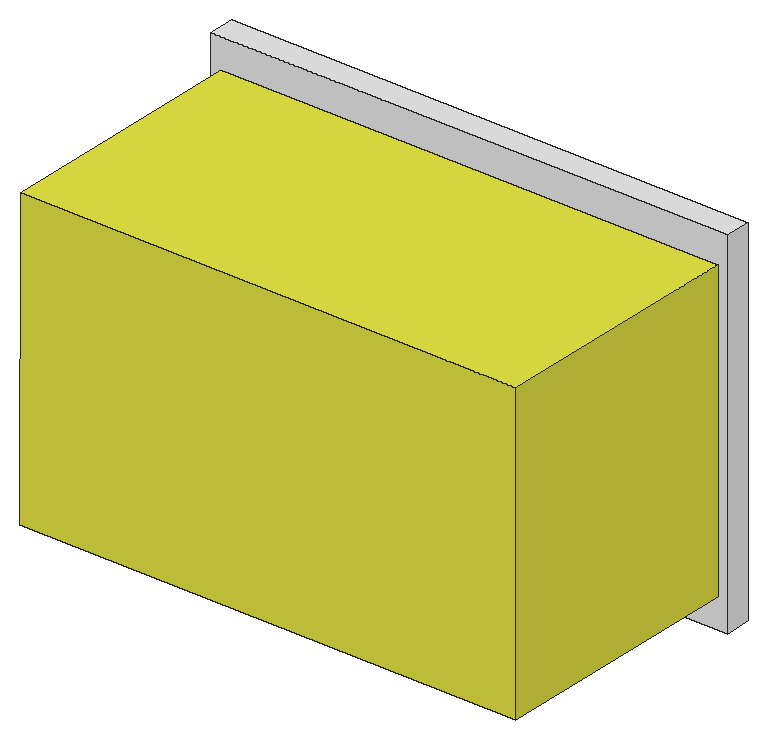
Revit family "Elet_Cx_Pare_4x2_Tomada", category Electrical Fixtures, host Wall, Revit 2025
Family settings
  Host = Wall
  Round Connector Dimension = Use Diameter
  Part Type = Normal
  OmniClass Number = 23.80.00.00
  OmniClass Title = Electric Power and Lighting
  Always vertical = Yes
  Cut with Voids When Loaded = No
  Maintain Annotation Orientation = No
  Shared = No
  Room Calculation Point = Yes
Parameters (values of type "Tomada_Baixa")
  Mat_Tampa = PVC eletricas tampas
  Mat_Caixa = PVC elétricas caixas
  Default Elevation = 0 mm
  Altura = 300 mm
Types (3, lengths in mm): name | Mat_Caixa | Altura
  Tomada_Baixa | PVC elétricas caixas | 300
  Tomada_Alta | PVC eletricas tampas | 2225
  Tomada Média | PVC eletricas tampas | 1200
Reference planes
  plane 1: y = 0
  plane 2 "Center (Left/Right)": x = 125
  plane 3 "Back": y = 75
  plane 4: z = 300
  plane 5: z = 328.795
Forms (mm)
  Extrusion 1, solid, material "PVC elétricas caixas" <- "Mat_Caixa"
    sketch origin (132.516, 26.3, 1523.376) x (0, 0, -1) y (-1, 0, 0)
      loop
        line (1194.582, 55.516) -> (1194.582, -40.484) -> (1252.171, -40.484) -> (1252.171, 55.516) -> (1194.582, 55.516)
    from 0 to 48.7
  Extrusion 2, solid, material "PVC eletricas tampas" <- "Mat_Tampa"
    sketch origin (0, 0, 0) x (1, 0, 0) y (0, 1, 0)
      loop
        line (75, 75) -> (175, 75) -> (175, 80) -> (75, 80) -> (75, 75)
    from 265.416 to 334.584
Text (mm)
  text "Placement side" at (-1867.185, 1116.779, 0), in view "Ref. Level"
  text "Placement side" at (0, -15.653, 3001.832), in view "Left"
  text "Placement side" at (0, 530.812, 2999.686), in view "Right"
Dimensions and locks
  locked: plane 3 "Back" to host wall
  locked: Extrusion 1 to Extrusion 1 at 96
  Extrusion 1 to Extrusion 1 = 96 mm  (x2)
  "Altura": level to plane 4
  locked: Extrusion 1 to Extrusion 1 at 57.589
  equal spacing: Extrusion 1, plane 4, Extrusion 1
  locked: plane 4 to plane 5 at 28.795
  equal spacing: Extrusion 2, plane 2 "Center (Left/Right)", Extrusion 2
  equal spacing: Extrusion 1, plane 2 "Center (Left/Right)", Extrusion 1
  equal spacing: Extrusion 2, plane 4, Extrusion 2
  locked: plane 5 to Extrusion 2 at 5.789
  locked: Extrusion 2 to Extrusion 1 at 5.789
  locked: Extrusion 2 to Extrusion 2 at 5
  aligned and locked: plane 1 to host wall
  aligned and locked: Extrusion 1 to plane 3 "Back"
  aligned and locked: plane 5 to Extrusion 1
  aligned and locked: Extrusion 2 to Extrusion 1
Automatic sketch dimensions
  plane 4 to Extrusion 1 sketch curve = 28.795 mm
  Extrusion 1 sketch curve to Extrusion 1 sketch curve = 57.589 mm
  plane 2 "Center (Left/Right)" to Extrusion 1 sketch curve = 48 mm
  Extrusion 1 sketch curve to plane 2 "Center (Left/Right)" = 48 mm
  Extrusion 2 sketch curve to host wall = 0 mm
  host wall to Extrusion 2 sketch curve = 5 mm
  Extrusion 2 sketch curve to plane 2 "Center (Left/Right)" = 50 mm
  plane 2 "Center (Left/Right)" to Extrusion 2 sketch curve = 50 mm
